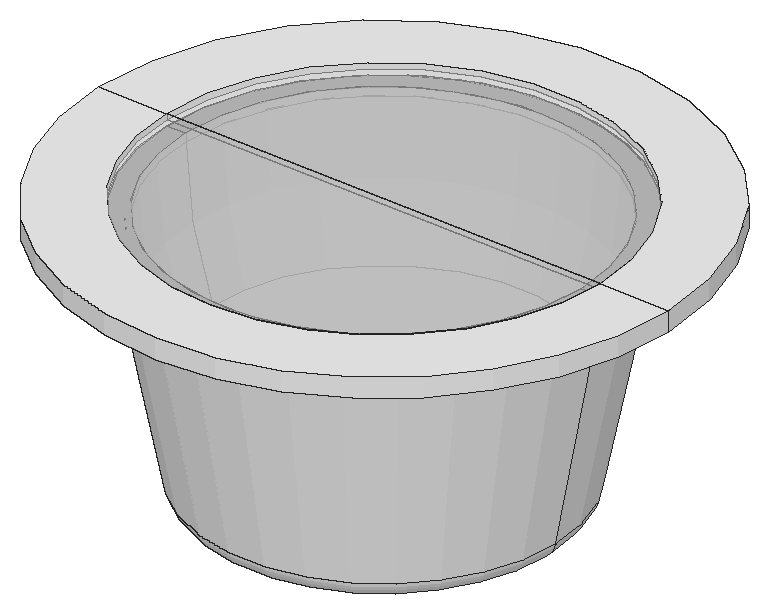
Revit family "2060561+2028034 Sylvania Lighting Fixture ASCENT 100 II ARCH 2700 3K STD EMG 160 with IP44 Clear Glass", category Lighting Fixtures, host Face, Revit 2016
Family settings
  Host = Face
  Part Type = Normal
  Round Connector Dimension = Use Diameter
  OmniClass Number = 23.80.70.11.17
  OmniClass Title = Specialized Lighting by Location or Use
  Cut with Voids When Loaded = No
  Light Source = Yes
  Shared = No
  Room Calculation Point = No
Parameters (values of type "2060561+2028034 ASCT100 II ARCH 2700 3K STD EMG 160 with IP44 Clear Glass")
  WidthBezelAcc_SYL = 25.0 mm
  Weight = "1.92 kg"
  Wattage = 23 W
  WarrantyStartDate [instance] = "n/a"
  WarrantyGuarantorParts = "n/a"
  WarrantyDurationUnit = "n/a"
  WarrantyDurationParts = "n/a"
  WarrantyDescription = "n/a"
  built-in parameter 1150110 = 1 (stored number, unit not read)
  Voltage = 0 V
  VisibilityAccessory_SYL = yes
  TypeName = "ASCENT 100 II ARCH 2700 3K STD EMG 160"
  built-in parameter 1114217 = 1 (stored number, unit not read)
  Tilt Angle = -90°
  built-in parameter 1150109 = 1 (stored number, unit not read)
  built-in parameter 1150134 = (empty or 0)
  built-in parameter 1150113 = 1 (stored number, unit not read)
  SerialNumber [instance] = "n/a"
  ReflectorRadius_SYL = Radius_SYL - 14.5 mm  # 80.0 mm
  RadiusAcc_SYL = 105.0 mm
  Radius_SYL = 94.5 mm
  URL = "http://www.sylvania-lighting.com"
  PowerFactor = 0
  PowerConsumption = "23 W"
  Photometric Web File = "2060561.ies"
  NominalWidth = 0.0 mm
  NominalLength = 0.0 mm
  NominalHeight = 94.0 mm
  Name = "ASCENT 100 II ARCH 2700 3K STD EMG 160"
  ModelReference = "ASCENT 100 II ARCH 2700 3K STD EMG 160"
  ModelNumber = "2060561+2028034"
  Material_4_SYL = none
  Material_3_SYL = Polycarbonate_Sylvania_Ascent_Clear
  Material_2_SYL = Aluminium_Sylvania_Ascent_Silver
  Material_1_SYL = Aluminum_Sylvania_Ascent_White
  Material = "aluminium housing, arcylic diffuser"
  ManufacturerName = "Feilo Sylvania"
  LuminousEfficacy = "115 lm/W"
  built-in parameter 1150105 = 210.48 (stored number, unit not read)
  Lumens = 2645 lm
  LuminaireType = ""
  built-in parameter 1150115 = 1 (stored number, unit not read)
  LightOutputRatio = "100"
  built-in parameter 1150137 = (empty or 0)
  built-in parameter 1150139 = (empty or 0)
  LampsType = Lamp  # "LED"
  LampNominalLuminous = "2649 lm"
  LampMacAdamStep = "3"
  LampColourTemperature = "3000 K"
  LampColourRenderingIndex = "80"
  built-in parameter 1150112 = 1 (stored number, unit not read)
  built-in parameter 1150114 = 1 (stored number, unit not read)
  Keynote = "16500"
  InstallationDate [instance] = "n/a"
  InputVoltage = "n/a"
  InputNominalFrequency = "n/a"
  built-in parameter 1150132 = (empty or 0)
  built-in parameter 1150102 = (empty or 0)
  built-in parameter 1150107 = 3000 (stored number, unit not read)
  built-in parameter 1150138 = (empty or 0)
  IngressProtection = "IP44"
  ImpactProtectionIndex = "IK02"
  built-in parameter 1150106 = 2.1048 (stored number, unit not read)
  IfcExportType = "IfcLightFixtureType"
  IfcExportAs = "IfcLightFixtureType"
  Height_SYL = 94.0 mm
  HeightAcc_SYL = 7.0 mm
  ExpectedLife = 50000
  EmittionSurface_SYL = if(VisibilityAccessory_SYL, 7.0 mm, 3.0 mm)  # 7.0 mm
  Emit from Circle Diameter = DiffuserRadius_SYL * 2  # 146.0 mm
  Emit Shape Visible in Rendering = no
  ElectricShockClassification = "Class II"
  built-in parameter 1150104 = 10.684 (stored number, unit not read)
  DurationUnit = "hours"
  DocumentationLiterature = "http://www.sylvania-lighting.com/product/en-int/products/2060561"
  DimmingControlOptions = "n/a"
  Dimming Lamp Color Temperature Shift = <None>
  DiffuserRadius_SYL = ReflectorRadius_SYL - 7.0 mm  # 73.0 mm
  Diameter_SYL = 2 * Radius_SYL  # 189.0 mm
  CutoutDiameter_SYL = Diameter_SYL - 13.0 mm  # 176.0 mm
  CreatedOn = "9/17/2018"
  CreatedBy = "@sylvania-lighting.com"
  Color Filter = 16777215
  built-in parameter 1114216 [instance] = 1 (stored number, unit not read)
  Model = "ASCENT 100 II ARCH 2700 3K STD EMG 160"
  Manufacturer = "Feilo Sylvania"
  Lamp = "LED"
  Description = "Direct LED retro fit for original LED 100 Arch (160) single CFL lamp offering Matching lumen levels and improved light distribution of original LED 100 CFL lamp equivalents Typically half the power consumption compared to CFL Up to 112lm/W 160mm aperture Architectural reflector accepts range of glass accessories from existing LED 100 Arch 160 offering HE, HO and VHO versions equivalent of single 1 x 18W, 1 x 32W, 1 x 42W\r\n Additional VVHO versions which offer the performance circa 2 x 32W equivalent"  # constant formula
  Default Elevation = 0.0 mm
  built-in parameter 1140040 [instance] = 1
  BarCode [instance] = "n/a"
  built-in parameter 1114218 = 1 (stored number, unit not read)
  built-in parameter 1150133 = 10 (stored number, unit not read)
  AssetType = "Fixed"
  AssetIdentifier [instance] = "n/a"
  Assembly Code = "D5020200"
  Apparent Load = 23 VA
  Aperture_SYL = 2 * ReflectorRadius_SYL  # 160.0 mm
Types (2, lengths in mm): name | Wattage | TypeName | Photometric Web File | Name | ModelReference | built-in parameter 1150105 | Lumens | built-in parameter 1150106 | Model | Apparent Load
  2060561+2028034 ASCT100 II ARCH 2700 3K STD EMG 160 with IP44 Clear Glass | 23 W | "ASCENT 100 II ARCH 2700 3K STD EMG 160" | "2060561.ies" | "ASCENT 100 II ARCH 2700 3K STD EMG 160" | "ASCENT 100 II ARCH 2700 3K STD EMG 160" | 210.48 (stored number, unit not read) | 2645 lm | 2.1048 (stored number, unit not read) | "ASCENT 100 II ARCH 2700 3K STD EMG 160" | 23 VA
  2060561+2028034 ASCT100 II ARCH 2700 3K STD EMG 160 with IP44 Clear Glass Emergency mode | 1.55652 W | "ASCT100 II ARCH 2700 3K STD EMG 160 with IP44 Clear Glass Emergency mode" | "2060561EM.ies" | "ASCT100 II ARCH 2700 3K STD EMG 160 with IP44 Clear Glass Emergency mode" | "ASCT100 II ARCH 2700 3K STD EMG 160 with IP44 Clear Glass Emergency mode" | 14.244 (stored number, unit not read) | 179 lm | 0.14244 (stored number, unit not read) | "ASCT100 II ARCH 2700 3K STD EMG 160 with IP44 Clear Glass Emergency mode" | 1.55652 VA
Reference planes
  plane 1 "Center (Front/Back)": y = 0
  plane 2: z = 0
  plane 3 "Center (Left/Right)": x = 0
  plane 4 "Fixture Bottom": z = 3
  plane 5: z = -52.5
  plane 6 "Fixture Top": z = -91
  plane 7: x = -105
  plane 8: z = 7
  plane 9: x = -80
  plane 10: z = 5
  plane 11: x = -103
Forms (mm)
  Extrusion 1, solid, material "Aluminum_Sylvania_Ascent_White", detail levels fine
    sketch origin (0, 0, 0) x (1, 0, 0) y (0, 1, 0)
      loop
        circle (0, 0) r 94.5
      loop
        circle (0, 0) r 80
    from 0 to 3
  Extrusion 2, void
    sketch origin (0, 0, 0) x (1, 0, 0) y (0, 1, 0)
      loop
        circle (0, 0) r 88
    from -91 to 3
  Revolve 3, solid, material "Aluminum_Sylvania_Ascent_White" <- "Material_1_SYL", detail levels fine
    sketch origin (0, 0, 0) x (1, 0, 0) y (0, 0, 1)
      loop
        line (0, -91.073) -> (0, -89.023) -> (-55.468, -89.014)
        arc (-55.468, -89.014) -> (-59.352, -87.613) -> (-61.54, -84.139) r 6.307
        line (-61.54, -84.139) -> (-77.991, -2.844) -> (-77.991, 0) -> (-80, 0) -> (-80, -3) -> (-63.5, -84.536)
        arc (-63.5, -84.536) -> (-60.643, -89.203) -> (-55.5, -91.073) r 8.291
        line (-55.5, -91.073) -> (0, -91.073)
      axis (0, 0) -> (0, -91.073)
    angle from 0 to 360
  Revolve 4, solid, material "Aluminium_Sylvania_Ascent_Silver" <- "Material_2_SYL", detail levels fine
    sketch origin (0, 0, 0) x (1, 0, 0) y (0, 0, 1)
      loop
        line (-80, 3) -> (-80, 0) -> (-75, 0)
        arc (-75, 0) -> (-72.349, -26.77) -> (-64.5, -52.5) r 136.5
        line (-64.5, -52.5) -> (-58, -52.5)
        arc (-58, -52.5) -> (-56.857, -61.521) -> (-53.5, -69.971) r 36.166
        line (-53.5, -69.971) -> (0, -69.971) -> (0, -50.5) -> (-63.16, -50.5)
        arc (-63.16, -50.5) -> (-70.517, -25.725) -> (-73, 0) r 134.5
        line (-73, 0) -> (-73, 3) -> (-80, 3)
      axis (0, 3) -> (0, -69.971)
    angle from 0 to 360
  Extrusion 5, solid, material "Polycarbonate_Sylvania_Ascent_Clear" <- "Material_3_SYL", detail levels fine
    sketch origin (0, 0, 0) x (1, 0, 0) y (0, 1, 0)
      loop
        circle (0, 0) r 73
    from 0 to 3
  Revolve 6, solid, material "Aluminum_Sylvania_Ascent_White" <- "Material_1_SYL", detail levels coarse+medium
    sketch origin (0, 0, 0) x (1, 0, 0) y (0, 0, 1)
      loop
        line (0, -91.073) -> (0, 3) -> (-94.5, 3) -> (-94.5, 0) -> (-79.5, 0) -> (-79.5, -3) -> (-63, -84.536)
        arc (-63, -84.536) -> (-60.143, -89.203) -> (-55, -91.073) r 8.291
        line (-55, -91.073) -> (0, -91.073)
      axis (0, 3) -> (0, -91.073)
    angle from 0 to 360
  Revolve 7, solid, material "Aluminum_Sylvania_Ascent_White" <- "Material_1_SYL", visible <- "VisibilityAccessory_SYL"
    sketch origin (0, 0, 0) x (1, 0, 0) y (0, 0, 1)
      loop
        line (-105, 0) -> (-103, 0) -> (-103, 5) -> (-80, 5) -> (-80, 7) -> (-105, 7) -> (-105, 0)
      axis (0, 7) -> (0, 0)
    angle from 0 to 360
  Revolve 8, solid, material "Polycarbonate_Sylvania_Ascent_Clear" <- "Material_3_SYL", visible <- "VisibilityAccessory_SYL"
    sketch origin (0, 0, 0) x (1, 0, 0) y (0, 0, 1)
      loop
        line (-80, 7) -> (-80, 5) -> (0, 5) -> (0, 7) -> (-80, 7)
      axis (0, 7) -> (0, 5)
    angle from 0 to 360
Lines and regions (mm)
  reference lines
    curve 1: line (-150, 0, 7) -> (125, 0, 7)
Dimensions and locks
  locked: plane 4 "Fixture Bottom" to plane 2 at 3
  "Height_SYL": plane 4 "Fixture Bottom" to plane 6 "Fixture Top"
  "ReflectorRadius_SYL": plane 3 "Center (Left/Right)" to Revolve 4 sketch curve
  locked: Revolve 4 sketch curve to Revolve 4 sketch curve at 15.5
  locked: Revolve 4 sketch curve to Revolve 4 sketch curve at 5
  locked: Revolve 4 sketch curve to Revolve 4 sketch curve at 7
  locked: Revolve 4 sketch curve to Revolve 4 sketch curve at 22
  locked: Revolve 4 sketch curve to Revolve 4 sketch curve at 26.5
  locked: Revolve 3 sketch curve to Revolve 3 sketch curve at 16.5
  locked: Revolve 3 sketch curve to Revolve 3 sketch curve at 24.5
  "ReflectorRadius_SYL": Revolve 3 sketch curve to plane 3 "Center (Left/Right)"
  locked: Revolve 3 sketch curve to plane 6 "Fixture Top" at 6.464
  locked: plane 2 to Revolve 3 sketch curve at 3
  locked: Revolve 3 sketch curve to Revolve 3 sketch curve at 2
  locked: Revolve 3 sketch curve to Revolve 3 sketch curve at 2.009
  locked: plane 2 to plane 5 at 52.5
  locked: Revolve 6 sketch curve to Revolve 6 sketch curve at 31.5
  locked: Revolve 6 sketch curve to Revolve 6 sketch curve at 39.5
  locked: Revolve 6 sketch curve to Revolve 6 sketch curve at 15
  "Radius_SYL": plane 3 "Center (Left/Right)" to Revolve 6 sketch curve
  "RadiusAcc_SYL": plane 3 "Center (Left/Right)" to plane 7
  "HeightAcc_SYL": plane 8 to level
  "WidthBezelAcc_SYL": plane 7 to plane 9
  locked: plane 7 to plane 11 at 2
  locked: plane 8 to plane 10 at 2
  "EmittionSurface_SYL": curve 1 to level
  "CutoutDiameter_SYL": diameter of Extrusion 2 sketch curve
  "ReflectorRadius_SYL": radius of Extrusion 1 sketch curve
  "DiffuserRadius_SYL": radius of Extrusion 5 sketch curve
  "Radius_SYL": radius of Extrusion 1 sketch curve
  aligned and locked: host face to plane 2
  aligned and locked: host face to level
  aligned and locked: plane 4 "Fixture Bottom" to Extrusion 1
  aligned and locked: Extrusion 1 to plane 2
  aligned and locked: Revolve 3 sketch curve to plane 3 "Center (Left/Right)"
  aligned and locked: Revolve 4 sketch curve to plane 3 "Center (Left/Right)"  (x2)
  aligned and locked: plane 4 "Fixture Bottom" to Revolve 4 sketch curve
  aligned and locked: Extrusion 5 to plane 2
  aligned and locked: plane 2 to Revolve 3 sketch curve  (x2)
  aligned and locked: Revolve 6 sketch curve to plane 3 "Center (Left/Right)"
  aligned and locked: plane 6 "Fixture Top" to Extrusion 2
  aligned and locked: Revolve 7 sketch curve to plane 3 "Center (Left/Right)"
  aligned and locked: host face to Revolve 7 sketch curve  (x2)
  aligned and locked: Revolve 7 sketch curve to plane 7
  aligned and locked: plane 8 to Revolve 7 sketch curve
  aligned and locked: plane 9 to Revolve 7 sketch curve
  aligned and locked: Revolve 7 sketch curve to plane 10
  aligned and locked: plane 11 to Revolve 7 sketch curve
  aligned and locked: Revolve 7 to Revolve 8 sketch curve
  aligned and locked: Revolve 8 sketch curve to Revolve 7  (x2)
  aligned and locked: Revolve 8 sketch curve to plane 3 "Center (Left/Right)"  (x2)
  aligned and locked: plane 3 "Center (Left/Right)" to imposter light
  aligned and locked: imposter light to plane 1 "Center (Front/Back)"
  aligned and locked: imposter light to curve 1
Automatic sketch dimensions
  plane 1 "Center (Front/Back)" to Extrusion 2 sketch curve = 0.0 mm
  Extrusion 2 sketch curve to plane 3 "Center (Left/Right)" = 0.0 mm
  Extrusion 1 sketch curve to Extrusion 1 sketch curve = 0.0 mm  (x2)
  plane 1 "Center (Front/Back)" to Extrusion 1 sketch curve = 0.0 mm
  Extrusion 1 sketch curve to plane 3 "Center (Left/Right)" = 0.0 mm
  plane 6 "Fixture Top" to Revolve 3 sketch curve = 0.073 mm
  Revolve 3 sketch curve to plane 6 "Fixture Top" = 6.861 mm
  Revolve 3 sketch curve to Revolve 3 sketch curve = 0.003 mm
  Revolve 3 sketch curve to Revolve 3 sketch curve = 0.009 mm  (x2)
  Revolve 3 sketch curve to Revolve 3 sketch curve = 0.023 mm
  Revolve 3 sketch curve to Revolve 3 sketch curve = 0.072 mm
  Revolve 3 sketch curve to Revolve 3 sketch curve = 0.008 mm
  Revolve 3 sketch curve to plane 6 "Fixture Top" = 1.977 mm
  Revolve 3 sketch curve to Revolve 3 sketch curve = 33.496 mm
  Revolve 3 sketch curve to Revolve 3 sketch curve = 0.028 mm
  plane 4 "Fixture Bottom" to Revolve 3 sketch curve = 82.431 mm
  Revolve 4 sketch curve to Revolve 4 sketch curve = 0.0 mm  (x2)
  Revolve 4 sketch curve to plane 5 = 0.0 mm
  Revolve 4 sketch curve to level = 0.0 mm
  plane 5 to Revolve 4 sketch curve = 2.0 mm
  plane 4 "Fixture Bottom" to Revolve 4 sketch curve = 9.642 mm
  plane 1 "Center (Front/Back)" to Extrusion 5 sketch curve = 0.0 mm
  Extrusion 5 sketch curve to plane 3 "Center (Left/Right)" = 0.0 mm
  Revolve 4 sketch curve to level = 69.971 mm
  Revolve 4 sketch curve to Revolve 4 sketch curve = 2.387 mm
  Revolve 6 sketch curve to level = 0.0 mm
  Revolve 6 sketch curve to plane 3 "Center (Left/Right)" = 0.0 mm
  Revolve 6 sketch curve to Revolve 6 sketch curve = 8.104 mm
  Revolve 6 sketch curve to level = 3.0 mm
  Revolve 6 sketch curve to plane 6 "Fixture Top" = 6.464 mm
  plane 6 "Fixture Top" to Revolve 6 sketch curve = 0.073 mm
  Revolve 6 sketch curve to Revolve 6 sketch curve = 33.496 mm
  plane 4 "Fixture Bottom" to Revolve 6 sketch curve = 82.431 mm
  host sketch curve to host sketch curve = 1704.996 mm
  host sketch curve to host sketch curve = 1500.0 mm
  plane 6 "Fixture Top" to Revolve 7 sketch curve = 281.274 mm
  Revolve 7 sketch curve to plane 8 = 1140.706 mm
  plane 6 "Fixture Top" to Revolve 8 sketch curve = 281.274 mm
  Revolve 8 sketch curve to Revolve 8 sketch curve = 1140.706 mm
  Revolve 3 sketch curve to plane 3 "Center (Left/Right)" = 0.0 mm
  Revolve 6 sketch curve to plane 4 "Fixture Bottom" = 0.0 mm
  plane 7 to curve 1 = 45.0 mm
  plane 3 "Center (Left/Right)" to curve 1 = 125.0 mm
Connectors
  electrical at (0, 0, -91.073), driven by "Apparent Load"
    settings: on Revolve 3, index 1, voltage 240 V, apparent load 0 VA, apparent load phase1 23 VA, apparent load phase2 0 VA, apparent load phase3 0 VA, power factor 1, load classification "Lighting", number of poles 1, system type 31, power factor state 1, is connector primary yes, connector utility no, sub classification motor no, connector description ""
